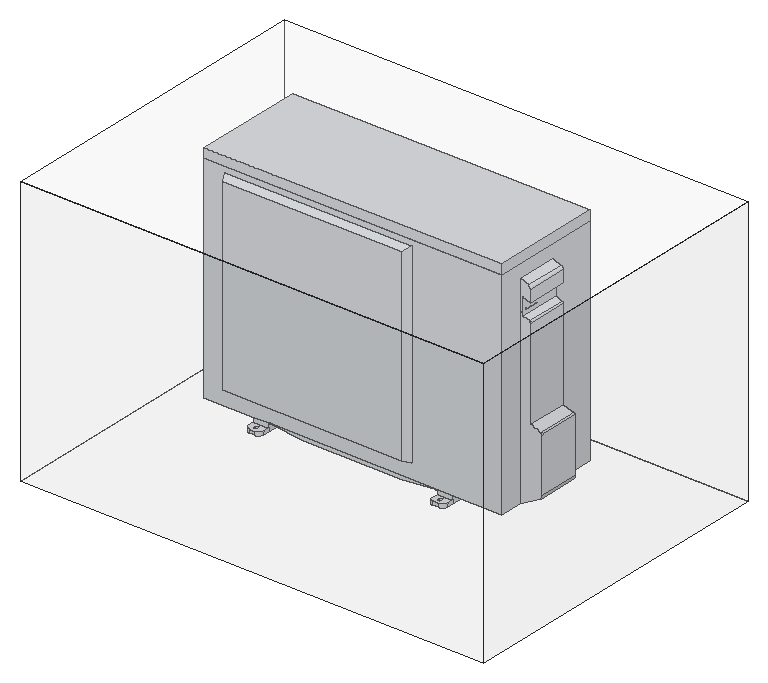
Revit family "puz-zrmp28_63ska12_60Hz", category 機械設備, Revit 2019 (continued)
Definition of nested family "PUZ-ZRMP-1"
  Lines and regions (mm)
    model lines, visible <- "タイプ3", not visible
      curve 342: line (-404.5, -100, 907) -> (-404.5, -60, 907)
      curve 343: line (-404.5, -100, 1097) -> (-404.5, -100, 907)
      curve 344: line (-404.5, -60, 1097) -> (-404.5, -100, 1097)
      curve 345: line (-404.5, -60, 907) -> (-404.5, -60, 1097)
      curve 346: line (-404.5, 60, 907) -> (-404.5, 100, 907)
      curve 347: line (-404.5, 60, 1097) -> (-404.5, 60, 907)
      curve 348: line (-404.5, 100, 1097) -> (-404.5, 60, 1097)
      curve 349: line (-404.5, 100, 907) -> (-404.5, 100, 1097)
      curve 350: line (-404.5, -46.667, 907) -> (-404.5, -6.667, 907)
      curve 351: line (-404.5, -46.667, 1097) -> (-404.5, -46.667, 907)
      curve 352: line (-404.5, -6.667, 1097) -> (-404.5, -46.667, 1097)
      curve 353: line (-404.5, -6.667, 907) -> (-404.5, -6.667, 1097)
      curve 354: line (-404.5, 6.667, 907) -> (-404.5, 46.667, 907)
      curve 355: line (-404.5, 6.667, 1097) -> (-404.5, 6.667, 907)
      curve 356: line (-404.5, 46.667, 1097) -> (-404.5, 6.667, 1097)
      curve 357: line (-404.5, 46.667, 907) -> (-404.5, 46.667, 1097)
      curve 358: line (-404.5, -100, 1112) -> (-404.5, -60, 1112)
      curve 359: line (-404.5, -100, 1302) -> (-404.5, -100, 1112)
      curve 360: line (-404.5, -60, 1302) -> (-404.5, -100, 1302)
      curve 361: line (-404.5, -60, 1112) -> (-404.5, -60, 1302)
      curve 362: line (-404.5, 60, 1112) -> (-404.5, 100, 1112)
      curve 363: line (-404.5, 60, 1302) -> (-404.5, 60, 1112)
      curve 364: line (-404.5, 100, 1302) -> (-404.5, 60, 1302)
      curve 365: line (-404.5, 100, 1112) -> (-404.5, 100, 1302)
      curve 366: line (-404.5, -46.667, 1112) -> (-404.5, -6.667, 1112)
      curve 367: line (-404.5, -46.667, 1302) -> (-404.5, -46.667, 1112)
      curve 368: line (-404.5, -6.667, 1302) -> (-404.5, -46.667, 1302)
      curve 369: line (-404.5, -6.667, 1112) -> (-404.5, -6.667, 1302)
      curve 370: line (-404.5, 6.667, 1112) -> (-404.5, 46.667, 1112)
      curve 371: line (-404.5, 6.667, 1302) -> (-404.5, 6.667, 1112)
      curve 372: line (-404.5, 46.667, 1302) -> (-404.5, 6.667, 1302)
      curve 373: line (-404.5, 46.667, 1112) -> (-404.5, 46.667, 1302)
    model lines, visible <- "タイプ2", not visible
      curve 374: line (-600, -100, 33.5) -> (-600, -60, 33.5)
      curve 375: line (-600, -100, 73.5) -> (-600, -100, 33.5)
      curve 376: line (-600, -60, 73.5) -> (-600, -100, 73.5)
      curve 377: line (-600, -60, 33.5) -> (-600, -60, 73.5)
      curve 378: line (-600, 60, 33.5) -> (-600, 100, 33.5)
      curve 379: line (-600, 60, 73.5) -> (-600, 60, 33.5)
      curve 380: line (-600, 100, 73.5) -> (-600, 60, 73.5)
      curve 381: line (-600, 100, 33.5) -> (-600, 100, 73.5)
      curve 382: line (-509, -46.667, 33.5) -> (-509, -6.667, 33.5)
      curve 383: line (-509, -46.667, 73.5) -> (-509, -46.667, 33.5)
      curve 384: line (-509, -6.667, 73.5) -> (-509, -46.667, 73.5)
      curve 385: line (-509, -6.667, 33.5) -> (-509, -6.667, 73.5)
      curve 386: line (-509, 6.667, 33.5) -> (-509, 46.667, 33.5)
      curve 387: line (-509, 6.667, 73.5) -> (-509, 6.667, 33.5)
      curve 388: line (-509, 46.667, 73.5) -> (-509, 6.667, 73.5)
      curve 389: line (-509, 46.667, 33.5) -> (-509, 46.667, 73.5)
      curve 483: line (-404.5, -100, 33.5) -> (-404.5, -60, 33.5)
      curve 484: line (-404.5, -100, 73.5) -> (-404.5, -100, 33.5)
      curve 485: line (-404.5, -60, 73.5) -> (-404.5, -100, 73.5)
      curve 486: line (-404.5, -60, 33.5) -> (-404.5, -60, 73.5)
      curve 487: line (-404.5, 60, 33.5) -> (-404.5, 100, 33.5)
      curve 488: line (-404.5, 60, 73.5) -> (-404.5, 60, 33.5)
      curve 489: line (-404.5, 100, 73.5) -> (-404.5, 60, 73.5)
      curve 490: line (-404.5, 100, 33.5) -> (-404.5, 100, 73.5)
      curve 491: line (-404.5, -46.667, 33.5) -> (-404.5, -6.667, 33.5)
      curve 492: line (-404.5, -46.667, 73.5) -> (-404.5, -46.667, 33.5)
      curve 493: line (-404.5, -6.667, 73.5) -> (-404.5, -46.667, 73.5)
      curve 494: line (-404.5, -6.667, 33.5) -> (-404.5, -6.667, 73.5)
      curve 495: line (-404.5, 6.667, 33.5) -> (-404.5, 46.667, 33.5)
      curve 496: line (-404.5, 6.667, 73.5) -> (-404.5, 6.667, 33.5)
      curve 497: line (-404.5, 46.667, 73.5) -> (-404.5, 6.667, 73.5)
      curve 498: line (-404.5, 46.667, 33.5) -> (-404.5, 46.667, 73.5)
    model lines, not visible
      curve 390: line (-404.5, -100, 87) -> (-404.5, -60, 87)
      curve 391: line (-404.5, -100, 277) -> (-404.5, -100, 87)
      curve 392: line (-404.5, -60, 277) -> (-404.5, -100, 277)
      curve 393: line (-404.5, -60, 87) -> (-404.5, -60, 277)
      curve 394: line (-404.5, -100, 292) -> (-404.5, -60, 292)
      curve 395: line (-404.5, -100, 482) -> (-404.5, -100, 292)
      curve 396: line (-404.5, -60, 482) -> (-404.5, -100, 482)
      curve 397: line (-404.5, -60, 292) -> (-404.5, -60, 482)
      curve 398: line (-404.5, -100, 497) -> (-404.5, -60, 497)
      curve 399: line (-404.5, -100, 687) -> (-404.5, -100, 497)
      curve 400: line (-404.5, -60, 687) -> (-404.5, -100, 687)
      curve 401: line (-404.5, -60, 497) -> (-404.5, -60, 687)
      curve 402: line (-404.5, -100, 702) -> (-404.5, -60, 702)
      curve 403: line (-404.5, -100, 892) -> (-404.5, -100, 702)
      curve 404: line (-404.5, -60, 892) -> (-404.5, -100, 892)
      curve 405: line (-404.5, -60, 702) -> (-404.5, -60, 892)
      curve 406: line (-404.5, 60, 87) -> (-404.5, 100, 87)
      curve 407: line (-404.5, 60, 277) -> (-404.5, 60, 87)
      curve 408: line (-404.5, 100, 277) -> (-404.5, 60, 277)
      curve 409: line (-404.5, 100, 87) -> (-404.5, 100, 277)
      curve 410: line (-404.5, -46.667, 87) -> (-404.5, -6.667, 87)
      curve 411: line (-404.5, -46.667, 277) -> (-404.5, -46.667, 87)
      curve 412: line (-404.5, -6.667, 277) -> (-404.5, -46.667, 277)
      curve 413: line (-404.5, -6.667, 87) -> (-404.5, -6.667, 277)
      curve 414: line (-404.5, 6.667, 87) -> (-404.5, 46.667, 87)
      curve 415: line (-404.5, 6.667, 277) -> (-404.5, 6.667, 87)
      curve 416: line (-404.5, 46.667, 277) -> (-404.5, 6.667, 277)
      curve 417: line (-404.5, 46.667, 87) -> (-404.5, 46.667, 277)
      curve 418: line (-404.5, 60, 292) -> (-404.5, 100, 292)
      curve 419: line (-404.5, 60, 482) -> (-404.5, 60, 292)
      curve 420: line (-404.5, 100, 482) -> (-404.5, 60, 482)
      curve 421: line (-404.5, 100, 292) -> (-404.5, 100, 482)
      curve 422: line (-404.5, 60, 702) -> (-404.5, 100, 702)
      curve 423: line (-404.5, 60, 892) -> (-404.5, 60, 702)
      curve 424: line (-404.5, 100, 892) -> (-404.5, 60, 892)
      curve 425: line (-404.5, 100, 702) -> (-404.5, 100, 892)
      curve 426: line (-404.5, -46.667, 292) -> (-404.5, -6.667, 292)
      curve 427: line (-404.5, -46.667, 482) -> (-404.5, -46.667, 292)
      curve 428: line (-404.5, -6.667, 482) -> (-404.5, -46.667, 482)
      curve 429: line (-404.5, -6.667, 292) -> (-404.5, -6.667, 482)
      curve 430: line (-404.5, -46.667, 497) -> (-404.5, -6.667, 497)
      curve 431: line (-404.5, -46.667, 687) -> (-404.5, -46.667, 497)
      curve 432: line (-404.5, -6.667, 687) -> (-404.5, -46.667, 687)
      curve 433: line (-404.5, -6.667, 497) -> (-404.5, -6.667, 687)
      curve 434: line (-404.5, -46.667, 702) -> (-404.5, -6.667, 702)
      curve 435: line (-404.5, -46.667, 892) -> (-404.5, -46.667, 702)
      curve 436: line (-404.5, -6.667, 892) -> (-404.5, -46.667, 892)
      curve 437: line (-404.5, -6.667, 702) -> (-404.5, -6.667, 892)
      curve 438: line (-404.5, 6.667, 292) -> (-404.5, 46.667, 292)
      curve 439: line (-404.5, 6.667, 482) -> (-404.5, 6.667, 292)
      curve 440: line (-404.5, 46.667, 482) -> (-404.5, 6.667, 482)
      curve 441: line (-404.5, 46.667, 292) -> (-404.5, 46.667, 482)
      curve 442: line (-404.5, 6.667, 497) -> (-404.5, 46.667, 497)
      curve 443: line (-404.5, 6.667, 687) -> (-404.5, 6.667, 497)
      curve 444: line (-404.5, 46.667, 687) -> (-404.5, 6.667, 687)
      curve 445: line (-404.5, 46.667, 497) -> (-404.5, 46.667, 687)
      curve 446: line (-404.5, 6.667, 702) -> (-404.5, 46.667, 702)
      curve 447: line (-404.5, 6.667, 892) -> (-404.5, 6.667, 702)
      curve 448: line (-404.5, 46.667, 892) -> (-404.5, 6.667, 892)
      curve 449: line (-404.5, 46.667, 702) -> (-404.5, 46.667, 892)
      curve 450: line (-338.5, -173.2, 372.5) -> (149.5, -173.2, 372.5)
      curve 451: line (149.5, -173.2, 277.5) -> (-338.5, -173.2, 277.5)
      curve 452: line (-338.5, -173.2, 467.5) -> (149.5, -173.2, 467.5)
      curve 453: line (-338.5, -173.2, 562.5) -> (149.5, -173.2, 562.5)
      curve 454: line (149.5, -173.2, 182.5) -> (-338.5, -173.2, 182.5)
      curve 455: line (149.5, -173.2, 87.5) -> (-338.5, -173.2, 87.5)
      curve 456: line (-321.071, -173.2, 579) -> (-321.071, -173.2, 71)
      curve 457: line (132.071, -173.2, 71) -> (132.071, -173.2, 579)
      curve 458: line (-303.643, -173.2, 579) -> (-303.643, -173.2, 71)
      curve 459: line (-286.214, -173.2, 579) -> (-286.214, -173.2, 71)
      curve 460: line (-268.786, -173.2, 579) -> (-268.786, -173.2, 71)
      curve 461: line (-251.357, -173.2, 579) -> (-251.357, -173.2, 71)
      curve 462: line (-233.929, -173.2, 579) -> (-233.929, -173.2, 71)
      curve 463: line (-216.5, -173.2, 579) -> (-216.5, -173.2, 71)
      curve 464: line (-199.071, -173.2, 579) -> (-199.071, -173.2, 71)
      curve 465: line (-181.643, -173.2, 579) -> (-181.643, -173.2, 71)
      curve 466: line (-164.214, -173.2, 579) -> (-164.214, -173.2, 71)
      curve 467: line (-146.786, -173.2, 579) -> (-146.786, -173.2, 71)
      curve 468: line (-129.357, -173.2, 579) -> (-129.357, -173.2, 71)
      curve 469: line (-111.929, -173.2, 579) -> (-111.929, -173.2, 71)
      curve 470: line (-94.5, -173.2, 579) -> (-94.5, -173.2, 71)
      curve 471: line (-77.071, -173.2, 579) -> (-77.071, -173.2, 71)
      curve 472: line (-59.643, -173.2, 579) -> (-59.643, -173.2, 71)
      curve 473: line (-42.214, -173.2, 579) -> (-42.214, -173.2, 71)
      curve 474: line (-24.786, -173.2, 579) -> (-24.786, -173.2, 71)
      curve 475: line (-7.357, -173.2, 579) -> (-7.357, -173.2, 71)
      curve 476: line (10.071, -173.2, 579) -> (10.071, -173.2, 71)
      curve 477: line (27.5, -173.2, 579) -> (27.5, -173.2, 71)
      curve 478: line (44.929, -173.2, 579) -> (44.929, -173.2, 71)
      curve 479: line (62.357, -173.2, 579) -> (62.357, -173.2, 71)
      curve 480: line (79.786, -173.2, 579) -> (79.786, -173.2, 71)
      curve 481: line (97.214, -173.2, 579) -> (97.214, -173.2, 71)
      curve 482: line (114.643, -173.2, 579) -> (114.643, -173.2, 71)
    symbolic lines, visible <- "タイプ1"
      curve 499: line (-278.151, 150, 630) -> (-404.5, 150, 630)
      curve 500: line (-404.5, 150, 630) -> (-404.5, -5.599, 630)
      curve 501: line (-404.5, 40, 630) -> (-424.5, 30, 630)
      curve 502: line (-424.5, 30, 630) -> (-424.5, -30, 630)
      curve 503: line (-424.5, -30, 630) -> (-404.5, -40, 630)
      curve 504: line (-404.5, -5.599, 630) -> (-404.5, -150, 630)
      curve 505: line (-404.5, -150, 630) -> (-301.612, -150, 630)
      curve 506: arc (-272.806, -170, 630) -> (-268.124, -177.204, 630) -> (-260, -180, 630) r 13.2
      curve 507: line (-260, -180, 630) -> (-243.332, -180, 630)
      curve 508: arc (-243.332, -180, 630) -> (-235.208, -177.204, 630) -> (-230.526, -170, 630) r 13.2
      curve 509: line (-301.612, -150, 630) -> (280.999, -150, 630)
      curve 510: line (230, -150, 630) -> (230, -170, 630)
      curve 511: arc (230, -170, 630) -> (232.929, -177.071, 630) -> (240, -180, 630) r 10
      curve 512: line (240, -180, 630) -> (256.8, -180, 630)
      curve 513: arc (256.8, -180, 630) -> (266.134, -176.134, 630) -> (270, -166.8, 630) r 13.2
      curve 514: line (270, -166.8, 630) -> (270, -150, 630)
      curve 515: line (280.999, -150, 630) -> (404.5, -150, 630)
      curve 516: line (404.5, -150, 630) -> (404.5, -77.105, 630)
      curve 517: line (404.5, -90, 630) -> (466.5, -90, 630)
      curve 518: line (466.5, -90, 630) -> (466.5, 20, 630)
      curve 519: line (466.5, 20, 630) -> (404.5, 20, 630)
      curve 520: line (404.5, -77.105, 630) -> (404.5, 150, 630)
      curve 521: line (404.5, 150, 630) -> (308.975, 150, 630)
      curve 522: line (270, 150, 630) -> (270, 180, 630)
      curve 523: line (270, 180, 630) -> (230, 180, 630)
      curve 524: line (230, 180, 630) -> (230, 150, 630)
      curve 525: line (308.975, 150, 630) -> (-278.151, 150, 630)
      curve 526: line (-230, 150, 630) -> (-230, 180, 630)
      curve 527: line (-230, 180, 630) -> (-270, 180, 630)
      curve 528: line (-270, 180, 630) -> (-270, 150, 630)
      curve 529: line (-324.5, 100, 630) -> (324.5, 100, 630)
      curve 530: line (-324.5, 40, 630) -> (-324.5, 100, 630)
      curve 531: line (324.5, 40, 630) -> (-324.5, 40, 630)
      curve 532: line (324.5, 100, 630) -> (324.5, 40, 630)
      curve 533: line (324.5, 30, 630) -> (-324.5, 30, 630)
      curve 534: line (324.5, -30, 630) -> (324.5, 30, 630)
      curve 535: line (-324.5, -30, 630) -> (324.5, -30, 630)
      curve 536: line (-324.5, 30, 630) -> (-324.5, -30, 630)
      curve 537: line (-324.5, -40, 630) -> (324.5, -40, 630)
      curve 538: line (-324.5, -100, 630) -> (-324.5, -40, 630)
      curve 539: line (324.5, -100, 630) -> (-324.5, -100, 630)
      curve 540: line (324.5, -40, 630) -> (324.5, -100, 630)
      curve 541: line (339.5, 100, 630) -> (354.5, 100, 630)
      curve 542: line (339.5, -100, 630) -> (339.5, 100, 630)
      curve 543: line (354.5, -100, 630) -> (339.5, -100, 630)
      curve 544: line (354.5, 100, 630) -> (354.5, -100, 630)
      curve 545: line (-354.5, 100, 630) -> (-339.5, 100, 630)
      curve 546: line (-354.5, -100, 630) -> (-354.5, 100, 630)
      curve 547: line (-339.5, -100, 630) -> (-354.5, -100, 630)
      curve 548: line (-339.5, 100, 630) -> (-339.5, -100, 630)
      curve 549: line (-338.5, -170, 630) -> (149.5, -170, 630)
      curve 550: line (149.5, -170, 630) -> (159.5, -150, 630)
      curve 551: line (-348.5, -150, 630) -> (-338.5, -170, 630)
  Dimensions and locks
    equal spacing: plane 8, plane 1 "中心(正面/背面)", plane 7
    "奥行き": plane 8 to plane 7
    equal spacing: plane 5, plane 3 "中心(左/右)", plane 6
    "幅さ": plane 5 to plane 6
    "高さ": plane 4 to level
    locked: plane 6 to plane 9 at 62
    locked: plane 8 to plane 10 at 60
    locked: plane 8 to plane 11 at 170
    locked: plane 4 to plane 12 at 25
    locked: plane 13 to plane 5 at 20
    "吊りボルト-D": plane 17 to plane 16
    equal spacing: plane 17, plane 1 "中心(正面/背面)", plane 16
    equal spacing: plane 14, plane 3 "中心(左/右)", plane 15
    "吊りボルト-W": plane 14 to plane 15
    plane 21 to plane 14 to plane 20 = 20 mm locked, 20 mm locked
    plane 19 to plane 15 to plane 18 = 20 mm locked, 20 mm locked
    locked: plane 16 to plane 22 at 15
    locked: plane 23 to plane 17 at 15
    locked: plane 24 to level at 8.5
    locked: plane 25 to level at 20
    locked: plane 26 to plane 24 at 3
    locked: plane 4 to plane 29 at 5
    plane 7 to plane 1 "中心(正面/背面)" to plane 8 = 150 mm, 150 mm
    plane 31 to plane 1 "中心(正面/背面)" to plane 30 = 40 mm locked, 40 mm locked
    plane 33 to plane 1 "中心(正面/背面)" to plane 32 = 30 mm locked, 30 mm locked
    locked: plane 34 to plane 12 at 5
    locked: plane 35 to level at 55
    locked: plane 36 to level at 225
    equal spacing: plane 6, plane 39, plane 9
    locked: plane 6 to plane 38 at 10
    locked: plane 20 to plane 27 at 95
    locked: plane 28 to plane 19 at 95
    "換気-D": plane 40 to plane 8
    "換気-W": plane 41 to plane 5
    "換気-H1": plane 42 to level
    plane 43 to plane 41 to plane 44 = 254 mm locked, 254 mm locked
    plane 45 to plane 42 to plane 46 = 264 mm locked, 264 mm locked
    locked: plane 43 to plane 48 at 10
    locked: plane 47 to plane 44 at 10
    locked: plane 45 to plane 49 at 10
    locked: plane 50 to plane 46 at 10
    locked: curve 26 to plane 50 at 16.5
    locked: plane 49 to curve 24 at 16.5
    equal spacing: curve 24, curve 23, curve 21, curve 22, curve 25, curve 26
    equal spacing: plane 48, curve 28, curve 53, curve 52, curve 51, curve 50, curve 49, curve 48, curve 47, curve 46, curve 45, curve 44, curve 43, curve 42, curve 41, curve 40, curve 39, curve 38, curve 37, curve 36, curve 35, curve 34, curve 33, curve 32, curve 31, curve 30, curve 29, curve 27, plane 47
    locked: curve 4 to curve 6 at 10
    locked: curve 3 to curve 5 at 10
    locked: plane 51 to plane 7 at 50
    locked: plane 8 to plane 52 at 50
    equal spacing: group 1, group 2, group 3, group 4, group 5, group 6, group 7, group 8, group 9, group 10, group 11, group 12, group 13, group 14, group 15, group 16, group 17, group 18  (x2)
    equal spacing: group 18, group 17, group 16, group 15, group 14, group 13, group 12, group 11, group 10, group 9, group 8, group 7, group 6, group 5, group 4, group 3, group 2, group 1
    "ドレン管径-X": plane 5 to plane 53
    "ドレン管径-Y": plane 8 to plane 54
    "配線取出口-Y": plane 57 to plane 7
    "冷媒液管径-Y": plane 58 to plane 7
    "冷媒ガス管径-Y": plane 59 to plane 7
    "配線取出口-X": plane 3 "中心(左/右)" to plane 56
    "冷媒ガス管径-X": plane 3 "中心(左/右)" to plane 55
    "冷媒液管径-X": plane 3 "中心(左/右)" to plane 60
    "冷媒液管径-Z": plane 62 to level
    "冷媒ガス管径-Z": plane 61 to level
    "配線取出口-Z": plane 63 to level
    locked: plane 57 to plane 64 at 50
    locked: plane 65 to plane 61 at 37.8
    locked: plane 66 to plane 62 at 16.1
    equal spacing: plane 55, plane 67, plane 60
    equal spacing: plane 58, plane 68, plane 59
    "a": plane 69 "グループ" to plane 3 "中心(左/右)"
    plane 71 to level = 943 mm
    plane 70 to level = 1338 mm
    locked: plane 37 to level at 570
    curve 21 to plane 42 to curve 22 = 47.5 mm locked, 47.5 mm locked
    "換気-H2": plane 72 to plane 42
    plane 73 to plane 72 to plane 74 = 264 mm locked, 264 mm locked
    locked: plane 76 to plane 74 at 10
    locked: plane 73 to plane 75 at 10
    plane 48 to plane 47 = 488 mm
    plane 68 to plane 7 = 185.5 mm
    plane 61 to level = 99.5 mm
    plane 65 to plane 61 = 37.8 mm
    plane 62 to level = 164.5 mm
    plane 66 to plane 62 = 16.1 mm
    plane 68 to plane 77 to plane 78 = 23 mm locked, 17.5 mm locked
    plane 68 to plane 77 = 23 mm
    plane 77 to plane 78 = 17.5 mm
    equal spacing: plane 77, plane 79, plane 78
    "ドレン配管サイズ": diameter of Extrusion 3 sketch curve
    "配線取出口サイズ": diameter of Extrusion 9 sketch curve
    "吊りボルト-φ": diameter of Extrusion 10 sketch curve  (x4)
    "冷媒配管サイズ": diameter of Sweep 11 sketch curve
    "ガス配管サイズ": diameter of Sweep 12 sketch curve
    aligned and locked: level to plane 2
    aligned and locked: Extrusion 1 to level
    aligned and locked: plane 25 to Extrusion 1
    aligned and locked: Extrusion 2 sketch curve to plane 25
    aligned and locked: Extrusion 2 sketch curve to plane 26
    aligned and locked: Extrusion 2 to plane 7
    aligned and locked: plane 8 to Extrusion 2
    aligned and locked: Extrusion 3 to plane 26
    aligned and locked: Extrusion 3 to plane 24
    aligned and locked: Extrusion 4 sketch curve to plane 7
    aligned and locked: Extrusion 4 sketch curve to plane 8
    aligned and locked: Extrusion 4 sketch curve to plane 5
    aligned and locked: Extrusion 4 sketch curve to plane 6
    aligned and locked: Extrusion 4 to plane 25
    aligned and locked: plane 12 to Extrusion 4
    aligned and locked: Extrusion 5 sketch curve to Extrusion 4  (x4)
    aligned and locked: Extrusion 5 to plane 12
    aligned and locked: plane 4 to Extrusion 5
    aligned and locked: plane 29 to Blend 6 sketch curve
    aligned and locked: Blend 6 sketch curve to plane 31
    aligned and locked: Blend 6 sketch curve to plane 12  (x2)
    aligned and locked: plane 30 to Blend 6 sketch curve
    aligned and locked: plane 34 to Blend 6 sketch curve
    aligned and locked: Blend 6 sketch curve to plane 33
    aligned and locked: plane 32 to Blend 6 sketch curve
    aligned and locked: Blend 6 to plane 13
    aligned and locked: plane 5 to Blend 6
    aligned and locked: Extrusion 7 sketch curve to plane 6
    aligned and locked: Extrusion 7 sketch curve to plane 9
    aligned and locked: Extrusion 7 sketch curve to plane 39
    aligned and locked: Extrusion 7 sketch curve to Extrusion 7 sketch curve
    aligned and locked: Extrusion 7 sketch curve to plane 38
    aligned and locked: Extrusion 7 to plane 11
    aligned and locked: plane 10 to Extrusion 7
    aligned and locked: Blend 8 sketch curve to plane 45
    aligned and locked: Blend 8 sketch curve to plane 46
    aligned and locked: Blend 8 sketch curve to plane 44
    aligned and locked: Blend 8 sketch curve to plane 43
    aligned and locked: Blend 8 sketch curve to plane 49
    aligned and locked: Blend 8 sketch curve to plane 47
    aligned and locked: Blend 8 sketch curve to plane 48
    aligned and locked: Blend 8 sketch curve to plane 50
    aligned and locked: Blend 8 to plane 8
    aligned and locked: plane 40 to Blend 8
    aligned and locked: curve 17 to plane 51
    aligned and locked: curve 1 to plane 51
    aligned and locked: plane 51 to curve 19
    aligned and locked: curve 18 to plane 52
    aligned and locked: plane 52 to curve 2
    aligned and locked: plane 52 to curve 20
    aligned and locked: plane 53 to Extrusion 3 sketch curve
    aligned and locked: plane 54 to Extrusion 3 sketch curve
    aligned and locked: plane 63 to Extrusion 9 sketch curve
    aligned and locked: plane 56 to Extrusion 9 sketch curve
    aligned and locked: plane 57 to Extrusion 9
    aligned and locked: Extrusion 9 to plane 64
    aligned and locked: plane 22 to Extrusion 10 sketch curve  (x4)
    aligned and locked: plane 21 to Extrusion 10 sketch curve
    aligned and locked: Extrusion 2 to Extrusion 10 sketch curve  (x2)
    aligned and locked: Extrusion 10 sketch curve to Extrusion 1  (x6)
    aligned and locked: plane 19 to Extrusion 10 sketch curve
    aligned and locked: Extrusion 10 sketch curve to plane 23  (x2)
    aligned and locked: Extrusion 10 sketch curve to plane 18
    aligned and locked: Extrusion 10 sketch curve to plane 20
    aligned and locked: plane 16 to Extrusion 10 sketch curve  (x2)
    aligned and locked: plane 14 to Extrusion 10 sketch curve  (x2)
    aligned and locked: plane 17 to Extrusion 10 sketch curve  (x2)
    aligned and locked: plane 15 to Extrusion 10 sketch curve  (x2)
    aligned and locked: level to Extrusion 10
    aligned and locked: plane 24 to Extrusion 10
    aligned and locked: Masking region 1 sketch curve to Extrusion 5  (x4)
    aligned and locked: Masking region 1 sketch curve to Blend 6  (x3)
    aligned and locked: Masking region 1 sketch curve to Extrusion 7  (x2)
    aligned and locked: Masking region 1 sketch curve to plane 9
    aligned and locked: Masking region 1 sketch curve to Extrusion 10  (x8)
    aligned and locked: Masking region 1 to curve 499
    aligned and locked: curve 500 to Masking region 1
    aligned and locked: curve 501 to Masking region 1
    aligned and locked: curve 502 to Masking region 1
    aligned and locked: curve 503 to Masking region 1
    aligned and locked: curve 504 to Masking region 1
    aligned and locked: curve 505 to Masking region 1
    aligned and locked: curve 506 to Masking region 1
    aligned and locked: curve 508 to Masking region 1
    aligned and locked: curve 510 to Masking region 1
    aligned and locked: curve 511 to Masking region 1
    aligned and locked: curve 513 to Masking region 1
    aligned and locked: Masking region 1 to curve 515
    aligned and locked: curve 516 to Masking region 1
    aligned and locked: curve 517 to Masking region 1
    aligned and locked: curve 518 to Masking region 1
    aligned and locked: curve 519 to Masking region 1
    aligned and locked: curve 520 to Masking region 1
    aligned and locked: curve 521 to Masking region 1
    aligned and locked: curve 522 to Masking region 1
    aligned and locked: curve 523 to Masking region 1
    aligned and locked: curve 524 to Masking region 1
    aligned and locked: curve 525 to Masking region 1
    aligned and locked: curve 526 to Masking region 1
    aligned and locked: curve 527 to Masking region 1
    aligned and locked: curve 528 to Masking region 1
    aligned and locked: curve 532 to curve 12
    aligned and locked: Masking region 1 sketch curve to curve 21
    aligned and locked: Masking region 1 sketch curve to Blend 8  (x2)
    aligned and locked: curve 549 to Blend 8
    aligned and locked: curve 550 to Blend 8
    aligned and locked: curve 551 to Blend 8
    aligned and locked: plane 78 to Sweep 12 sketch curve
    aligned and locked: plane 58 to Sweep 12 sketch curve
    aligned and locked: plane 77 to Sweep 11 sketch curve
    aligned and locked: plane 58 to Sweep 11 sketch curve
    aligned and locked: plane 61 to Sweep 12 sketch curve
  Automatic sketch dimensions
    Extrusion 2 sketch curve to plane 20 = 0 mm
    Extrusion 2 sketch curve to plane 27 = 0 mm
    Extrusion 2 sketch curve to plane 28 = 0 mm
    Extrusion 2 sketch curve to plane 19 = 0 mm
    Extrusion 7 sketch curve to plane 39 = 0 mm
    Extrusion 7 sketch curve to plane 25 = 0 mm
    Extrusion 7 sketch curve to plane 36 = 0 mm
    Extrusion 7 sketch curve to plane 37 = 0 mm
    Extrusion 7 sketch curve to Extrusion 7 sketch curve = 10 mm
    Extrusion 7 sketch curve to plane 39 = 6.58 mm
    Extrusion 7 sketch curve to Extrusion 7 sketch curve = 5 mm  (x2)
    plane 39 to Extrusion 7 sketch curve = 21 mm
    Extrusion 7 sketch curve to plane 39 = 3.29 mm
    Extrusion 7 sketch curve to plane 9 = 3.29 mm
    Extrusion 7 sketch curve to plane 35 = 2.87 mm
    Extrusion 7 sketch curve to Extrusion 7 sketch curve = 81.633 mm
    Extrusion 7 sketch curve to Extrusion 7 sketch curve = 30.244 mm
    Extrusion 7 sketch curve to Extrusion 7 sketch curve = 7.643 mm
    plane 7 to Extrusion 1 sketch curve = 0 mm  (x2)
    Extrusion 1 sketch curve to plane 18 = 0 mm
    plane 8 to Extrusion 1 sketch curve = 0 mm  (x2)
    Extrusion 1 sketch curve to plane 19 = 0 mm
    Extrusion 1 sketch curve to plane 20 = 0 mm
    Extrusion 1 sketch curve to plane 21 = 0 mm
    curve 383 to curve 384 = 40 mm
    curve 382 to curve 386 = 13.333 mm
    curve 386 to curve 386 = 40 mm
    curve 382 to curve 389 = 0 mm
    curve 382 to curve 384 = 40 mm
    curve 384 to curve 387 = 0 mm
    curve 375 to curve 376 = 40 mm
    curve 374 to curve 378 = 120 mm
    curve 378 to curve 378 = 40 mm
    curve 374 to curve 381 = 0 mm
    curve 374 to curve 376 = 40 mm
    curve 378 to curve 379 = 40 mm
    curve 25 to plane 47 = 0 mm
    curve 24 to plane 47 = 0 mm
    curve 22 to plane 47 = 0 mm
    curve 23 to plane 47 = 0 mm
    curve 26 to plane 47 = 0 mm
    curve 21 to plane 47 = 0 mm
    curve 24 to plane 48 = 0 mm
    curve 25 to plane 48 = 0 mm
    curve 26 to plane 48 = 0 mm
    curve 23 to plane 48 = 0 mm
    curve 22 to plane 48 = 0 mm
    curve 21 to plane 48 = 0 mm
    curve 37 to plane 50 = 0 mm
    curve 52 to plane 50 = 0 mm
    curve 51 to plane 50 = 0 mm
    curve 50 to plane 50 = 0 mm
    curve 49 to plane 50 = 0 mm
    curve 48 to plane 50 = 0 mm
    curve 47 to plane 50 = 0 mm
    curve 46 to plane 50 = 0 mm
    curve 45 to plane 50 = 0 mm
    curve 44 to plane 50 = 0 mm
    curve 43 to plane 50 = 0 mm
    curve 42 to plane 50 = 0 mm
    curve 41 to plane 50 = 0 mm
    curve 27 to plane 50 = 0 mm
    curve 28 to plane 50 = 0 mm
    curve 40 to plane 50 = 0 mm
    curve 39 to plane 50 = 0 mm
    curve 29 to plane 50 = 0 mm
    curve 38 to plane 50 = 0 mm
    curve 30 to plane 50 = 0 mm
    curve 53 to plane 50 = 0 mm
    curve 31 to plane 50 = 0 mm
    curve 36 to plane 50 = 0 mm
    curve 32 to plane 50 = 0 mm
    curve 35 to plane 50 = 0 mm
    curve 33 to plane 50 = 0 mm
    curve 34 to plane 50 = 0 mm
    curve 28 to plane 49 = 0 mm
    curve 41 to plane 49 = 0 mm
    curve 27 to plane 49 = 0 mm
    curve 42 to plane 49 = 0 mm
    curve 31 to plane 49 = 0 mm
    curve 40 to plane 49 = 0 mm
    curve 37 to plane 49 = 0 mm
    curve 39 to plane 49 = 0 mm
    curve 32 to plane 49 = 0 mm
    curve 45 to plane 49 = 0 mm
    curve 36 to plane 49 = 0 mm
    curve 46 to plane 49 = 0 mm
    curve 43 to plane 49 = 0 mm
    curve 47 to plane 49 = 0 mm
    curve 29 to plane 49 = 0 mm
    curve 48 to plane 49 = 0 mm
    curve 30 to plane 49 = 0 mm
    curve 49 to plane 49 = 0 mm
    curve 44 to plane 49 = 0 mm
    curve 50 to plane 49 = 0 mm
    curve 33 to plane 49 = 0 mm
    curve 51 to plane 49 = 0 mm
    curve 35 to plane 49 = 0 mm
    curve 52 to plane 49 = 0 mm
    curve 38 to plane 49 = 0 mm
    curve 53 to plane 49 = 0 mm
    curve 34 to plane 49 = 0 mm
    Masking region 1 sketch curve to plane 5 = 0 mm
    Masking region 1 sketch curve to plane 6 = 0 mm
    plane 7 to Masking region 1 sketch curve = 0 mm  (x2)
    Masking region 1 sketch curve to plane 15 = 10 mm
    Masking region 1 sketch curve to plane 19 = 0 mm
    plane 8 to Masking region 1 sketch curve = 0 mm  (x2)
    plane 32 to curve 535 = 0 mm
    plane 33 to curve 534 = 0 mm
    curve 541 to plane 56 = 45.5 mm
    curve 13 to curve 20 = 15 mm
    plane 18 to curve 535 = 54.5 mm
    curve 532 to curve 6 = 0 mm
    curve 537 to curve 5 = 0 mm
    plane 47 to curve 536 = 14 mm
    plane 47 to curve 538 = 14 mm
    plane 47 to curve 1 = 14 mm
    curve 16 to plane 47 = 1 mm
    curve 15 to plane 44 = 6 mm
    plane 1 "中心(正面/背面)" to curve 504 = 5.599 mm
    curve 528 to curve 499 = 8.151 mm
    curve 521 to curve 522 = 38.975 mm
    curve 516 to plane 10 = 12.895 mm
    curve 515 to curve 514 = 10.999 mm
    plane 40 to Masking region 1 sketch curve = 0 mm
    Masking region 1 sketch curve to plane 40 = 3.2 mm  (x2)
    Masking region 1 sketch curve to plane 14 = 10 mm
    Masking region 1 sketch curve to plane 20 = 0.526 mm
    curve 509 to plane 21 = 31.612 mm
    Sweep 12 sketch curve to plane 65 = 0 mm
    Sweep 11 sketch curve to plane 62 = 0 mm
    Sweep 11 sketch curve to plane 66 = 0 mm
    plane 40 to Extrusion 10 sketch curve = 0 mm
    plane 17 to Extrusion 10 sketch curve = 0 mm  (x2)
    Extrusion 10 sketch curve to Extrusion 10 sketch curve = 1.8 mm  (x3)
    plane 17 to Extrusion 10 sketch curve = 1.8 mm  (x2)
    Extrusion 10 sketch curve to Extrusion 10 sketch curve = 0 mm
    Sweep 11 sketch curve to plane 67 = 0 mm
    Sweep 11 sketch curve to profile plane = 0 mm
    Sweep 12 sketch curve to plane 67 = 0 mm
    Sweep 12 sketch curve to profile plane = 0 mm
Definition of nested family "固定点"
  Parameters (values of type "固定点")
    中心円 = if(W > 599 mm, 12 mm, 10 mm)  # 12 mm
    W = 1000 mm
    D = 1000 mm
  Reference planes
    plane 1 "中心(正面/背面)": y = 0
    plane 2: z = 0
    plane 3 "中心(左/右)": x = 0
    plane 4: x = 1000
    plane 5: y = 1000
  Lines and regions (mm)
    symbolic lines, detail levels fine
      curve 1: circle (0, 1000, 0) r 6 normal (0, 0, 1)
      curve 2: circle (0, 0, 0) r 6 normal (0, 0, 1)
      curve 3: circle (1000, 1000, 0) r 6 normal (0, 0, 1)
      curve 4: circle (1000, 0, 0) r 6 normal (0, 0, 1)
      curve 5: line (-200, 1000, 0) -> (1200, 1000, 0)
      curve 6: line (-200, 0, 0) -> (1200, 0, 0)
      curve 7: line (0, 1200, 0) -> (0, -200, 0)
      curve 8: line (1000, 1200, 0) -> (1000, -200, 0)
  Dimensions and locks
    "W": plane 3 "中心(左/右)" to plane 4
    "D": plane 1 "中心(正面/背面)" to plane 5
    "中心円": diameter of curve 1
    "中心円": diameter of curve 2
    "中心円": diameter of curve 3
    "中心円": diameter of curve 4
    aligned and locked: level to plane 2
    aligned and locked: plane 5 to curve 1
    aligned and locked: plane 3 "中心(左/右)" to curve 1
    aligned and locked: plane 3 "中心(左/右)" to curve 2
    aligned and locked: plane 1 "中心(正面/背面)" to curve 2
    aligned and locked: plane 4 to curve 3
    aligned and locked: plane 5 to curve 3
    aligned and locked: plane 1 "中心(正面/背面)" to curve 4
    aligned and locked: plane 4 to curve 4
    aligned and locked: plane 1 "中心(正面/背面)" to curve 6
    aligned and locked: curve 7 to plane 3 "中心(左/右)"
    aligned and locked: curve 8 to plane 4
  Automatic sketch dimensions
    curve 5 to plane 5 = 0 mm
    curve 6 to plane 3 "中心(左/右)" = 200 mm
    curve 5 to plane 3 "中心(左/右)" = 200 mm
    curve 4 to curve 6 = 200 mm
    curve 3 to curve 5 = 200 mm
    plane 1 "中心(正面/背面)" to curve 8 = 200 mm
    plane 1 "中心(正面/背面)" to curve 7 = 200 mm
    curve 3 to curve 8 = 200 mm
    curve 1 to curve 7 = 200 mm
Types (12, lengths in mm): name | 音響パワーレベル（冷）(dB) | 音響パワーレベル(dB) | 電動機出力_圧縮機 | 質量 | 製品質量 | 相 | 消費電力_暖房 | 消費電力_冷房 | 消費電力 | 構成品番 | 極数 | 暖房能力 | 推奨ブレーカー容量 | 価格 | 冷房能力 | URL
  PUZ-ZRMP28SKA12 | 64 | 66 | 0.5 kW | 44.40 kg | 37.00 kg | 1 | 0.61 kW | 0.51 kW | 0.61 kW | "PUZ-ZRMP28SKA" | 1 | 2.8 kW | 20 A | 480000 | 2.5 kW | "https://www.mitsubishielectric.co.jp/ldg/wink/ssl/displayProduct.do?pid=323495"
  PUZ-ZRMP28KA12 | 64 | 66 | 0.5 kW | 43.20 kg | 36.00 kg | 3 | 0.61 kW | 0.51 kW | 0.61 kW | "PUZ-ZRMP28KA" | 3 | 2.8 kW | 15 A | 480000 | 2.5 kW | "https://www.mitsubishielectric.co.jp/ldg/wink/ssl/displayProduct.do?pid=323494"
  PUZ-ZRMP40SKA12 | 64 | 66 | 0.6 kW | 51.60 kg | 43.00 kg | 1 | 0.705 kW | 0.615 kW | 0.705 kW | "PUZ-ZRMP40SKA" | 1 | 4 kW | 20 A | 521000 | 3.6 kW | "https://www.mitsubishielectric.co.jp/ldg/wink/ssl/displayProduct.do?pid=323501"
  PUZ-ZRMP40KA12 | 64 | 66 | 0.6 kW | 49.20 kg | 41.00 kg | 3 | 0.705 kW | 0.615 kW | 0.705 kW | "PUZ-ZRMP40KA" | 3 | 4 kW | 15 A | 521000 | 3.6 kW | "https://www.mitsubishielectric.co.jp/ldg/wink/ssl/displayProduct.do?pid=323500"
  PUZ-ZRMP45SKA12 | 64 | 66 | 0.7 kW | 51.60 kg | 43.00 kg | 1 | 0.837 kW | 0.731 kW | 0.837 kW | "PUZ-ZRMP45SKA" | 1 | 4.5 kW | 20 A | 573000 | 4 kW | "https://www.mitsubishielectric.co.jp/ldg/wink/ssl/displayProduct.do?pid=323507"
  PUZ-ZRMP45KA12 | 64 | 66 | 0.7 kW | 49.20 kg | 41.00 kg | 3 | 0.837 kW | 0.731 kW | 0.837 kW | "PUZ-ZRMP45KA" | 3 | 4.5 kW | 15 A | 573000 | 4 kW | "https://www.mitsubishielectric.co.jp/ldg/wink/ssl/displayProduct.do?pid=323506"
  PUZ-ZRMP50SKA12 | 65 | 67 | 0.8 kW | 51.60 kg | 43.00 kg | 1 | 0.968 kW | 0.875 kW | 0.968 kW | "PUZ-ZRMP50SKA" | 1 | 5 kW | 20 A | 621000 | 4.5 kW | "https://www.mitsubishielectric.co.jp/ldg/wink/ssl/displayProduct.do?pid=323468"
  PUZ-ZRMP50KA12 | 65 | 67 | 0.8 kW | 49.20 kg | 41.00 kg | 3 | 0.968 kW | 0.875 kW | 0.968 kW | "PUZ-ZRMP50KA" | 3 | 5 kW | 15 A | 621000 | 4.5 kW | "https://www.mitsubishielectric.co.jp/ldg/wink/ssl/displayProduct.do?pid=323467"
  PUZ-ZRMP56SKA12 | 65 | 67 | 0.9 kW | 51.60 kg | 43.00 kg | 1 | 1.15 kW | 1.09 kW | 1.15 kW | "PUZ-ZRMP56SKA" | 1 | 5.6 kW | 20 A | 662000 | 5 kW | "https://www.mitsubishielectric.co.jp/ldg/wink/ssl/displayProduct.do?pid=323513"
  PUZ-ZRMP56KA12 | 65 | 67 | 0.9 kW | 49.20 kg | 41.00 kg | 3 | 1.15 kW | 1.09 kW | 1.15 kW | "PUZ-ZRMP56KA" | 3 | 5.6 kW | 15 A | 662000 | 5 kW | "https://www.mitsubishielectric.co.jp/ldg/wink/ssl/displayProduct.do?pid=323512"
  PUZ-ZRMP63SKA12 | 65 | 67 | 1.2 kW | 51.60 kg | 43.00 kg | 1 | 1.34 kW | 1.28 kW | 1.34 kW | "PUZ-ZRMP63SKA" | 1 | 6.3 kW | 30 A | 716000 | 5.6 kW | "https://www.mitsubishielectric.co.jp/ldg/wink/ssl/displayProduct.do?pid=323518"
  PUZ-ZRMP63KA12 | 65 | 67 | 1.2 kW | 50.40 kg | 42.00 kg | 3 | 1.34 kW | 1.28 kW | 1.34 kW | "PUZ-ZRMP63KA" | 3 | 6.3 kW | 15 A | 716000 | 5.6 kW | "https://www.mitsubishielectric.co.jp/ldg/wink/ssl/displayProduct.do?pid=323636"
